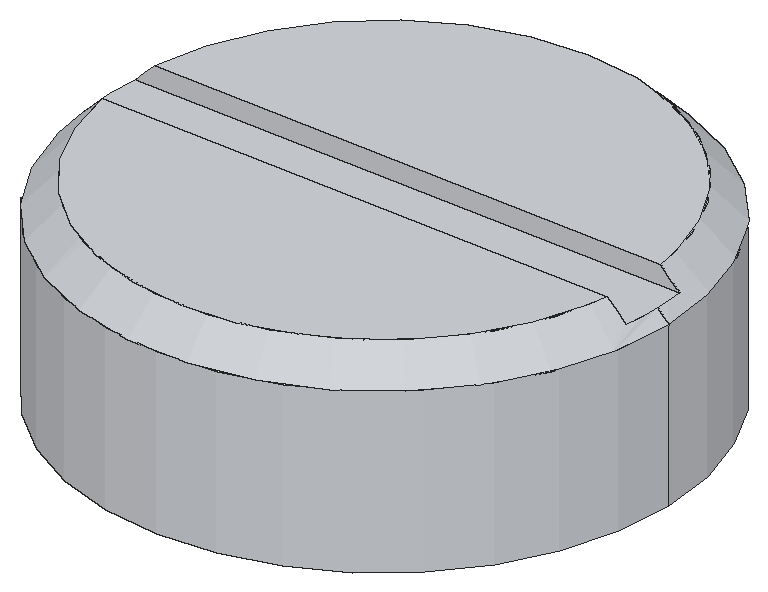
Revit family "BSP1", category Generic Models, Revit 2017
Family settings
  Can host rebar = No
  Round Connector Dimension = Use Diameter
  Part Type = Normal
  Work Plane-Based = Yes
  Always vertical = No
  Cut with Voids When Loaded = No
  Shared = No
  Room Calculation Point = No
Parameters (values of type "NBS Standard Parameters")
  Weight = "0.0012Kg"
  WarrantyStartDate [instance] = "1900-12-31T23:59:59"
  WarrantyGuarantorParts = "n/a"
  WarrantyGuarantorLabor = "n/a"
  WarrantyDurationUnit = "1 year"
  WarrantyDurationParts = "n/a"
  WarrantyDurationLabor = "n/a"
  WarrantyDescription = "n/a"
  Version = "1"
  Uniclass2 = "Pr_65_70_11_20"
  TagNumber [instance] = "n/a"
  SustainabilityPerformance = "n/a"
  Size = "20mm"
  Shape = "Circular"
  SerialNumber [instance] = "n/a"
  Revision = "n/a"
  ReplacementCost = "n/a"
  ProductInformation = "www.metpro.co.uk/pdf/bsp1.pdf"
  NominalWidth = 19.6 mm
  NominalLength = 19.6 mm
  NominalHeight = 6.5 mm
  Name = ""
  NBSTypeID = ""
  NBSReference = "90-55-10/460"
  NBSOfficeMasterTag = ""
  NBSNote = ""
  NBSDescription = "Conduit Fittings"
  NBSCertification = ""
  ModelReference = "BSP1"
  ModelNumber = "n/a"
  Material = "Brass"
  ManufacturerURL = "www.metpro.co.uk"
  ManufacturerName = "Metpro Ltd"
  InstallationDate [instance] = "1900-12-31T23:59:59"
  IfcExportType = ""
  IfcExportAs = ""
  Grade = "n/a"
  Finish = "Self Colour"
  Features = "n/a"
  ExpectedLife = "n/a"
  DurationUnit = "year"
  Description = "BSP1 - 20mm Brass Slotted Plug"
  Default Elevation = 1219.2 mm
  Constituents = "n/a"
  Color = "n/a"
  CodePerformance = "n/a"
  Category = "n/a"
  BarCode [instance] = "n/a"
  BIMObjectName = "Metpro_metprolibrary_conduitfittings_metalcomponent_brasaccessories"
  Author = "Metpro Ltd"
  AssetType = ""
  AssetIdentifier [instance] = "n/a"
  AccessibilityPerformance = "n/a"
Reference planes
  plane 1 "Center (Front/Back)": y = 0
  plane 2: z = 0
  plane 3 "Center (Left/Right)": x = 0
Forms (mm)
  Revolve 1, solid
    sketch origin (155.469, 899.683, 735.213) x (-1, 0, 0) y (0, 0, -1)
      loop
        line (-8243.96, 1173.973) -> (-8243.96, 1180.582) -> (-8253.74, 1180.582) -> (-8253.74, 1174.991) -> (-8252.722, 1173.973) -> (-8243.96, 1173.973)
      axis (-8243.96, 1173.973) -> (-8243.96, 1180.582)
    angle from 0 to 360
  Extrusion 2, void
    sketch origin (8399.43, 899.683, -438.759) x (0, 1, 0) y (1, 0, 0)
      loop
        line (1, -10.221) -> (1, 11.095) -> (-1.263, 11.095) -> (-1.263, -10.221) -> (1, -10.221)
    from 0 to 0.637
  Extrusion 3, void
    sketch origin (8399.43, 899.683, -445.368) x (0, -1, 0) y (1, 0, 0)
      loop
        circle (0, 0) r 6
    from 0 to 3
Cuts and joins
  Extrusion 2, Extrusion 3 cuts Revolve 1
Dimensions and locks
  aligned and locked: level to plane 2
